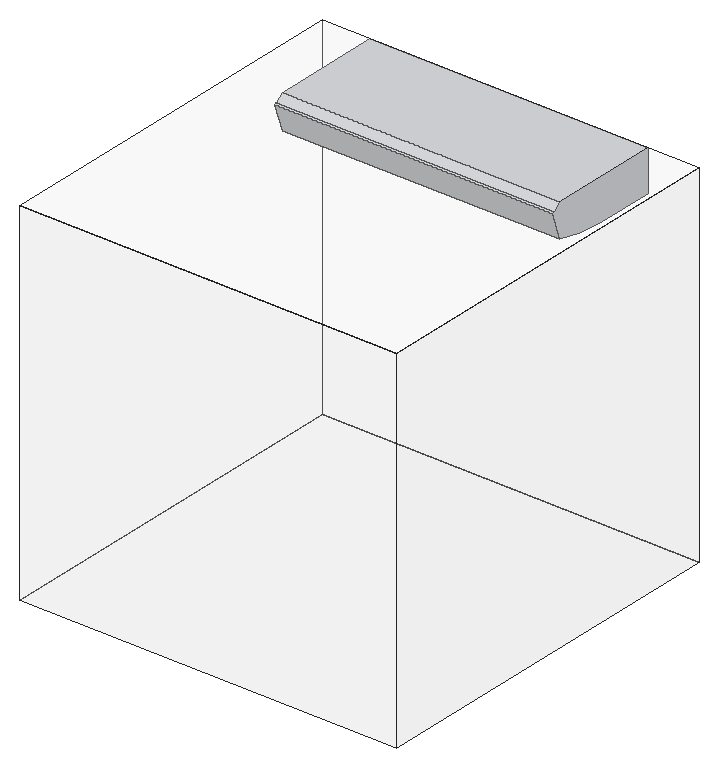
Revit family "pc-rp40_160kal21_50hz", category 機械設備, Revit 2019
Family settings
  丸型コネクタ寸法 = 直径を使用
  パーツ タイプ = 標準
  OmniClass 番号 = 23.75.10.24.21.27.27
  OmniClass タイトル = Split System Air Conditioning Units
  作業面ベース = いいえ
  常に垂直 = はい
  ロード時にボイドで切り取り = いいえ
  共有 = いいえ
  部屋計算ポイント = はい
Parameters (values of type "天吊_PC-RP112KA21")
  風量_静 (㎥/min) = 20
  風量_弱 (㎥/min) = 22
  風量_中 (㎥/min) = 26
  風量_強 (㎥/min) = 29
  風量 = MAX風量  # 1740.0 m³/h
  音響パワーレベル_静 (dB) = 54
  音響パワーレベル_弱 (dB) = 56
  音響パワーレベル_中 (dB) = 59
  音響パワーレベル(dB) = [音響パワーレベル_強 (dB)]  # 62
  音響パワーレベル_強 (dB) = 62
  電源種別 = ""
  電源_H = 0 mm
  電圧 = 0 V
  電動機出力_送風機 = 0.16 kW
  運転質量 = 0.00 kg
  連動 = ""
  質量 = if(製品質量 > 運転質量, 製品質量, 運転質量) * 1.2  # 45.60 kg
  負荷分類 = 3_ファン類
  説明 = "店舗・事務所用パッケージエアコン(Mr.SLIM) [本体] 天吊形室内機"
  設計暖房能力 = 0.00 kW
  設計冷房能力_顕熱 = 0 kW
  設計冷房能力 = 0 kW
  設置方法 = "天井吊形"
  記号 = ""
  製造元 = "三菱電機株式会社"
  製品質量 = 38.00 kg
  製品出荷対象 = "国内"
  製品リリース年月 = ""
  製品グループ = ""
  背面_液管接続口 = 180 mm
  背面_ドレン管接続口 = 233 mm
  背面_ガス管接続口 = 200 mm
  系統 = ""
  符号 = "ACP-CR"
  積算_科目 = "1 空気調和設備"
  積算_拾い区分 [instance] = ""
  相 = 1
  盤記号 = ""
  発停方法 = "付属スイッチ"
  特殊仕様 = ""
  点検口離隔 [instance] = if(点検口離隔入力値 > 200 mm, 200 mm, if(点検口離隔入力値 < 150 mm, 150 mm, 点検口離隔入力値))  # 150 mm
  点検口離隔入力値 [instance] = 0 mm
  点検口設置範囲 = 0 mm
  点検口 = yes
  火災停止 = ""
  消費電力_暖房 = 0.11 kW
  消費電力_冷房 = 0.12 kW
  消費電力 = if(消費電力_冷房 > 消費電力_暖房, 消費電力_冷房, 消費電力_暖房)  # 0.12 kW
  法定耐用年数 = "6"
  極数 = 1
  材質 = ""
  本体マテリアル = none
  有効加湿量 = 0
  暖房能力 = 11.20 kW
  推奨ブレーカー容量 = 0 A
  形式_加湿器 = ""
  形式 = "天井吊（露出）形"
  幹線記号 = ""
  始動方式 = "直入"
  呼称 = "室内機_天井吊(露出)形"
  周波数 = 50 Hz
  吊り位置Y = 320 mm
  吊り位置X = 1557 mm
  吊りボルト_H = 50 mm
  台数_手元リモコン = ""
  台数_冷媒分岐ユニット = ""
  参照している仕様書等のバージョン = "公共建築物標準仕様書（機械設備工事編）平成31年度版"
  加湿給水管径 = 0 mm
  分類コード = "5.0053E+13"
  分類グループ = ""
  冷房能力 = 10 kW
  冷媒高低圧ガス管径 = 0 mm
  冷媒管径符号 = "Bd"
  冷媒管径 = 100 mm
  冷媒液管高さ = 126 mm
  冷媒液管径 = 9.52 mm
  冷媒ガス管高さ = 126 mm
  冷媒ガス管径 = 15.88 mm
  価格 = 0
  企業コード = "108420"
  付属品_フィルター = ""
  付属品 = ""
  仕様書バージョン = "Version1.0"
  モデル = "PC-RP112KA21"
  パネルマテリアル = none
  ドレン管高さ = 190 mm
  ドレン管径 (外径) = 26 mm
  ドレン管径 = 20 mm
  サービススペース = yes
  コメント [instance] = ""
  ケーブル種類1 = ""
  ケーブルサイズ1 = 0 mm
  【値が 0 の項目は組合せ形名にてご確認ください】 = ""
  Width = 1600 mm
  Version = ""
  Uniclass2015Version = "Systems v1.9"
  Uniclass2015Title = "Split coil remote air cooled condensing units"
  Uniclass2015Code = "Pr_70_65_03_84"
  URL = "https://www.mitsubishielectric.co.jp/ldg/wink/ssl/top.do"
  SpecificationReference = ""
  SpecificationDescription = ""
  Revision = ""
  ProductInformation = ""
  OmniClassCode = "23-33 17 13 11"
  MIN風量 = [風量_静 (㎥/min)] * 60.0 m³/h  # 1200.0 m³/h
  MID風量2 = [風量_弱 (㎥/min)] * 60.0 m³/h  # 1320.0 m³/h
  MID風量 = [風量_中 (㎥/min)] * 60.0 m³/h  # 1560.0 m³/h
  MAX風量 = [風量_強 (㎥/min)] * 60.0 m³/h  # 1740.0 m³/h
  IfcTypeProduct = ""
  IfcProduct = ""
  IfcExportType = "AIRCONDITIONINGUNIT"
  IfcExportAs = "IfcUnitaryEquipmentType"
  Height_本体 = 230 mm
  Height = Height_本体 + 6 mm  # 236 mm
  Depth = 680 mm
  Clearance Top = 1 mm
  Clearance Right = 300 mm
  Clearance Left = 270 mm
  Clearance Front = 1500 mm
  Clearance Bottom = 1800 mm
  Clearance Back = 0 mm
  Author = "三菱電機株式会社"
Types (20, lengths in mm): name | 風量_静 (㎥/min) | 風量_弱 (㎥/min) | 風量_中 (㎥/min) | 風量_強 (㎥/min) | 風量 | 音響パワーレベル_静 (dB) | 音響パワーレベル_弱 (dB) | 音響パワーレベル_中 (dB) | 音響パワーレベル(dB) | 音響パワーレベル_強 (dB) | 電動機出力_送風機 | 質量 | 製品質量 | 製品リリース年月 | 背面_液管接続口 | 背面_ガス管接続口 | 消費電力_暖房 | 消費電力_冷房 | 消費電力 | 暖房能力 | 吊り位置X | 冷房能力 | 冷媒管径符号 | 冷媒液管径 | 冷媒ガス管径 | モデル | Width | MIN風量 | MID風量2 | MID風量 | MAX風量
  天吊_PC-RP45KAL21 | 9 | 10 | 11 | 13 | 780.0 m³/h | 48 | 50 | 53 | 55 | 55 | 0.09 kW | 28.80 kg | 24.00 kg | "" | 184 | 203 | 0.04 kW | 0.05 kW | 0.05 kW | 4.50 kW | 917 | 4 kW | "Ac" | 6.35 | 12.7 | "PC-RP45KAL21" | 960 | 540.0 m³/h | 600.0 m³/h | 660.0 m³/h | 780.0 m³/h
  天吊_PC-RP56KAL21 | 10 | 11 | 12 | 13 | 780.0 m³/h | 48 | 50 | 53 | 55 | 55 | 0.09 kW | 30.00 kg | 25.00 kg | "" | 184 | 203 | 0.05 kW | 0.06 kW | 0.06 kW | 5.60 kW | 917 | 5 kW | "Ac" | 6.35 | 12.7 | "PC-RP56KAL21" | 960 | 600.0 m³/h | 660.0 m³/h | 720.0 m³/h | 780.0 m³/h
  天吊_PC-RP71KAL21 | 13 | 16 | 18 | 20 | 1200.0 m³/h | 50 | 53 | 55 | 57 | 57 | 0.095 kW | 38.40 kg | 32.00 kg | "" | 180 | 200 | 0.09 kW | 0.10 kW | 0.10 kW | 7.10 kW | 1237 | 6.3 kW | "Bd" | 9.52 | 15.88 | "PC-RP71KAL21" | 1280 | 780.0 m³/h | 960.0 m³/h | 1080.0 m³/h | 1200.0 m³/h
  天吊_PC-RP80KAL21 | 13 | 16 | 18 | 20 | 1200.0 m³/h | 50 | 53 | 55 | 57 | 57 | 0.095 kW | 38.40 kg | 32.00 kg | "" | 180 | 200 | 0.09 kW | 0.10 kW | 0.10 kW | 8.00 kW | 1237 | 7.1 kW | "Bd" | 9.52 | 15.88 | "PC-RP80KAL21" | 1280 | 780.0 m³/h | 960.0 m³/h | 1080.0 m³/h | 1200.0 m³/h
  天吊_PC-RP112KAL21 | 20 | 22 | 26 | 29 | 1740.0 m³/h | 54 | 56 | 59 | 62 | 62 | 0.16 kW | 45.60 kg | 38.00 kg | "" | 180 | 200 | 0.11 kW | 0.12 kW | 0.12 kW | 11.20 kW | 1557 | 10 kW | "Bd" | 9.52 | 15.88 | "PC-RP112KAL21" | 1600 | 1200.0 m³/h | 1320.0 m³/h | 1560.0 m³/h | 1740.0 m³/h
  天吊_PC-RP140KAL21 | 21 | 24 | 27 | 31 | 1860.0 m³/h | 56 | 58 | 61 | 63 | 63 | 0.16 kW | 45.60 kg | 38.00 kg | "0" | 180 | 200 | 0.13 kW | 0.14 kW | 0.14 kW | 14.00 kW | 1557 | 12.5 kW | "Bd" | 9.52 | 15.88 | "PC-RP140KAL21" | 1600 | 1260.0 m³/h | 1440.0 m³/h | 1620.0 m³/h | 1860.0 m³/h
  天吊_PC-RP160KAL21 | 22 | 25 | 28 | 33 | 1980.0 m³/h | 58 | 60 | 62 | 65 | 65 | 0.16 kW | 45.60 kg | 38.00 kg | "" | 180 | 200 | 0.16 kW | 0.17 kW | 0.17 kW | 16.00 kW | 1557 | 14 kW | "Bd" | 9.52 | 15.88 | "PC-RP160KAL21" | 1600 | 1320.0 m³/h | 1500.0 m³/h | 1680.0 m³/h | 1980.0 m³/h
  天吊_PC-RP63KAL21 | 12 | 14 | 15 | 17 | 1020.0 m³/h | 49 | 51 | 53 | 55 | 55 | 0.095 kW | 38.40 kg | 32.00 kg | "" | 184 | 203 | 0.06 kW | 0.07 kW | 0.07 kW | 6.30 kW | 1237 | 5.6 kW | "Ac" | 6.35 | 12.7 | "PC-RP63KAL21" | 1280 | 720.0 m³/h | 840.0 m³/h | 900.0 m³/h | 1020.0 m³/h
  天吊_PC-RP40KAL21 | 9 | 10 | 11 | 13 | 780.0 m³/h | 48 | 50 | 53 | 55 | 55 | 0.09 kW | 28.80 kg | 24.00 kg | "" | 184 | 203 | 0.04 kW | 0.05 kW | 0.05 kW | 4.00 kW | 917 | 3.6 kW | "Ac" | 6.35 | 12.7 | "PC-RP40KAL21" | 960 | 540.0 m³/h | 600.0 m³/h | 660.0 m³/h | 780.0 m³/h
  天吊_PC-RP50KAL21 | 10 | 11 | 12 | 13 | 780.0 m³/h | 48 | 50 | 53 | 55 | 55 | 0.09 kW | 30.00 kg | 25.00 kg | "" | 184 | 203 | 0.05 kW | 0.06 kW | 0.06 kW | 5.00 kW | 917 | 4.5 kW | "Ac" | 6.35 | 12.7 | "PC-RP50KAL21" | 960 | 600.0 m³/h | 660.0 m³/h | 720.0 m³/h | 780.0 m³/h
  天吊_PC-RP112KA21 | 20 | 22 | 26 | 29 | 1740.0 m³/h | 54 | 56 | 59 | 62 | 62 | 0.16 kW | 45.60 kg | 38.00 kg | "" | 180 | 200 | 0.11 kW | 0.12 kW | 0.12 kW | 11.20 kW | 1557 | 10 kW | "Bd" | 9.52 | 15.88 | "PC-RP112KA21" | 1600 | 1200.0 m³/h | 1320.0 m³/h | 1560.0 m³/h | 1740.0 m³/h
  天吊_PC-RP140KA21 | 21 | 24 | 27 | 31 | 1860.0 m³/h | 56 | 58 | 61 | 63 | 63 | 0.16 kW | 45.60 kg | 38.00 kg | "" | 180 | 200 | 0.13 kW | 0.14 kW | 0.14 kW | 14.00 kW | 1557 | 12.5 kW | "Bd" | 9.52 | 15.88 | "PC-RP140KA21" | 1600 | 1260.0 m³/h | 1440.0 m³/h | 1620.0 m³/h | 1860.0 m³/h
  天吊_PC-RP160KA21 | 22 | 25 | 28 | 33 | 1980.0 m³/h | 58 | 60 | 62 | 65 | 65 | 0.16 kW | 45.60 kg | 38.00 kg | "" | 180 | 200 | 0.16 kW | 0.17 kW | 0.17 kW | 16.00 kW | 1557 | 14 kW | "Bd" | 9.52 | 15.88 | "PC-RP160KA21" | 1600 | 1320.0 m³/h | 1500.0 m³/h | 1680.0 m³/h | 1980.0 m³/h
  天吊_PC-RP40KA21 | 9 | 10 | 11 | 13 | 780.0 m³/h | 48 | 50 | 53 | 55 | 55 | 0.09 kW | 28.80 kg | 24.00 kg | "" | 184 | 203 | 0.04 kW | 0.05 kW | 0.05 kW | 4.00 kW | 917 | 3.6 kW | "Ac" | 6.35 | 12.7 | "PC-RP40KA21" | 960 | 540.0 m³/h | 600.0 m³/h | 660.0 m³/h | 780.0 m³/h
  天吊_PC-RP45KA21 | 9 | 10 | 11 | 13 | 780.0 m³/h | 48 | 50 | 53 | 55 | 55 | 0.09 kW | 28.80 kg | 24.00 kg | "" | 184 | 203 | 0.04 kW | 0.05 kW | 0.05 kW | 4.50 kW | 917 | 4 kW | "Ac" | 6.35 | 12.7 | "PC-RP45KA21" | 960 | 540.0 m³/h | 600.0 m³/h | 660.0 m³/h | 780.0 m³/h
  天吊_PC-RP50KA21 | 10 | 11 | 12 | 13 | 780.0 m³/h | 48 | 50 | 53 | 55 | 55 | 0.09 kW | 30.00 kg | 25.00 kg | "" | 184 | 203 | 0.05 kW | 0.06 kW | 0.06 kW | 5.00 kW | 917 | 4.5 kW | "Ac" | 6.35 | 12.7 | "PC-RP50KA21" | 960 | 600.0 m³/h | 660.0 m³/h | 720.0 m³/h | 780.0 m³/h
  天吊_PC-RP56KA21 | 10 | 11 | 12 | 13 | 780.0 m³/h | 48 | 50 | 53 | 55 | 55 | 0.09 kW | 30.00 kg | 25.00 kg | "" | 184 | 203 | 0.05 kW | 0.06 kW | 0.06 kW | 5.60 kW | 917 | 5 kW | "Ac" | 6.35 | 12.7 | "PC-RP56KA21" | 960 | 600.0 m³/h | 660.0 m³/h | 720.0 m³/h | 780.0 m³/h
  天吊_PC-RP63KA21 | 12 | 14 | 15 | 17 | 1020.0 m³/h | 49 | 51 | 53 | 55 | 55 | 0.095 kW | 38.40 kg | 32.00 kg | "" | 184 | 203 | 0.06 kW | 0.07 kW | 0.07 kW | 6.30 kW | 1237 | 5.6 kW | "Ac" | 6.35 | 12.7 | "PC-RP63KA21" | 1280 | 720.0 m³/h | 840.0 m³/h | 900.0 m³/h | 1020.0 m³/h
  天吊_PC-RP71KA21 | 13 | 16 | 18 | 20 | 1200.0 m³/h | 50 | 53 | 55 | 57 | 57 | 0.095 kW | 38.40 kg | 32.00 kg | "" | 180 | 200 | 0.09 kW | 0.10 kW | 0.10 kW | 7.10 kW | 1237 | 6.3 kW | "Bd" | 9.52 | 15.88 | "PC-RP71KA21" | 1280 | 780.0 m³/h | 960.0 m³/h | 1080.0 m³/h | 1200.0 m³/h
  天吊_PC-RP80KA21 | 13 | 16 | 18 | 20 | 1200.0 m³/h | 50 | 53 | 55 | 57 | 57 | 0.095 kW | 38.40 kg | 32.00 kg | "" | 180 | 200 | 0.09 kW | 0.10 kW | 0.10 kW | 8.00 kW | 1237 | 7.1 kW | "Bd" | 9.52 | 15.88 | "PC-RP80KA21" | 1280 | 780.0 m³/h | 960.0 m³/h | 1080.0 m³/h | 1200.0 m³/h
Reference planes
  plane 1 "中心(正面/背面)": y = 0
  plane 2: z = 0
  plane 3 "中心(左/右)": x = 0
  plane 4: z = 236
  plane 5: y = 260
  plane 6: y = -60
  plane 7: y = 340
  plane 8: y = -340
  plane 9: x = -800
  plane 10: x = 800
  plane 11: x = -1070
  plane 12: x = 1100
  plane 13 "back": y = 340
  plane 14: y = -1840
  plane 15: z = 237
  plane 16: z = -1800
  plane 17: x = 714
  plane 18: x = 629
  plane 19: z = 110
  plane 20 "液管": y = 156
  plane 21: y = 336
  plane 22 "ガス管": y = 136
  plane 23 "ドレン管": y = 103
  plane 24: x = 662
  plane 25: z = 46
  plane 26: x = -725
  plane 27: x = 671.5
Forms (mm)
  Extrusion 1, solid, detail levels fine
    sketch origin (0, 156, 0) x (0, 0, -1) y (1, 0, 0)
      loop
        circle (-110, 629) r 3.175
    from 0 to 100
  Extrusion 2, solid, detail levels fine
    sketch origin (0, 136, 0) x (0, 0, -1) y (1, 0, 0)
      loop
        circle (-110, 714) r 6.35
    from 0 to 100
  Extrusion 3, solid, detail levels fine
    sketch origin (0, 103, 0) x (0, 0, -1) y (1, 0, 0)
      loop
        circle (-46, 662) r 13
    from 0 to 100
  Extrusion 4, solid, detail levels fine
    sketch origin (0, 103, 0) x (0, 0, -1) y (1, 0, 0)
      loop
        circle (-46, -725) r 13
    from 0 to 100
  Extrusion 5, solid, detail levels fine
    sketch origin (0, 136, 0) x (0, 0, -1) y (1, 0, 0)
      loop
        circle (-110, 671.5) r 50
    from 0 to 120
Dimensions and locks
  "吊り位置Y": plane 6 to plane 5
  equal spacing: plane 8, plane 1 "中心(正面/背面)", plane 7
  "Depth": plane 8 to plane 7
  equal spacing: plane 9, plane 3 "中心(左/右)", plane 10
  "Width": plane 9 to plane 10
  "Clearance Back": plane 7 to plane 13 "back"
  "Clearance Front": plane 14 to plane 8
  "Clearance Right": plane 10 to plane 12
  "Clearance Left": plane 11 to plane 9
  "Height": plane 4 to level
  locked: plane 5 to plane 7 at 80
  "Clearance Bottom": level to plane 16
  "Clearance Top": plane 15 to plane 4
  plane 10 to plane 9 = 1600 mm
  "背面_液管接続口": plane 20 "液管" to plane 21
  "背面_ガス管接続口": plane 22 "ガス管" to plane 21
  "背面_ドレン管接続口": plane 23 "ドレン管" to plane 21
  "冷媒ガス管高さ": plane 4 to plane 19
  "ドレン管高さ": plane 4 to plane 25
  plane 17 to plane 27 to plane 18 = 42.5 mm, 42.5 mm
  locked: plane 10 to plane 17 at 86
  locked: plane 17 to plane 18 at 85
  locked: plane 10 to plane 24 at 138
  locked: plane 26 to plane 9 at 75
  diameter of Extrusion 2 = 12.7 mm
  diameter of Extrusion 1 = 6.35 mm
  "ドレン管径 (外径)": diameter of Extrusion 3
  "ドレン管径 (外径)": diameter of Extrusion 4
  aligned and locked: level to plane 2
  aligned and locked: nested 2 to plane 5
  aligned and locked: plane 6 to nested 2
  aligned and locked: nested 1 to plane 11
  aligned and locked: nested 1 to plane 12
  aligned and locked: plane 14 to nested 1
  aligned and locked: plane 13 "back" to nested 1
  aligned and locked: plane 15 to nested 1
  aligned and locked: plane 1 "中心(正面/背面)" to nested 3
  aligned and locked: plane 3 "中心(左/右)" to nested 3
  aligned and locked: plane 16 to nested 1
  aligned and locked: Extrusion 1 to plane 20 "液管"
  aligned and locked: Extrusion 2 to plane 22 "ガス管"
  aligned and locked: Extrusion 3 to plane 23 "ドレン管"
  aligned and locked: Extrusion 4 to plane 23 "ドレン管"
Automatic sketch dimensions
  Extrusion 1 sketch curve to plane 18 = 0 mm
  Extrusion 1 sketch curve to plane 19 = 0 mm
  Extrusion 2 sketch curve to plane 17 = 0 mm
  Extrusion 2 sketch curve to plane 19 = 0 mm
  Extrusion 3 sketch curve to plane 24 = 0 mm
  Extrusion 3 sketch curve to plane 25 = 0 mm
  Extrusion 4 sketch curve to plane 25 = 0 mm
  Extrusion 4 sketch curve to plane 26 = 0 mm
  Extrusion 5 sketch curve to plane 19 = 0 mm
  Extrusion 5 sketch curve to plane 27 = 0 mm
  radius of Extrusion 1 sketch curve = 3.175 mm
  radius of Extrusion 2 sketch curve = 6.35 mm
  radius of Extrusion 3 sketch curve = 13 mm
  radius of Extrusion 4 sketch curve = 13 mm
  radius of Extrusion 5 sketch curve = 50 mm
Nested families
  nested 1: "サービススペース" at (15, -750, -781.5), visible <- "サービススペース", type "サービススペース", detail levels fine
    with Width 2170 mm, Height 2037 mm, Depth 2180 mm
  nested 2: "固定点" at (-458.5, -60, 0), type "固定点"
    with W 917 mm, D 320 mm
  nested 3: "PC-RP_KA_L" at (0, 0, 0), type "PC-RP_KA_L", detail levels fine
    with 冷媒配管サイズ 9.52 mm, 吊りボルト-W 1557 mm, ガス配管サイズ 15.88 mm, 幅さ 1600 mm
Connectors
  electrical at (516, 339, 206), driven by "極数", driven by "負荷分類", driven by "電圧", driven by "消費電力"
    settings: on nested 3, index 1, voltage 0 V, apparent load 120 VA, apparent load phase1 0 VA, apparent load phase2 0 VA, apparent load phase3 0 VA, power factor 1, load classification "3_ファン類", number of poles 1, system type 30, power factor state 1, is connector primary yes, connector utility no, sub classification motor no, connector description ""
  piping at (671.5, 136, 110), diameter 100, driven by "冷媒管径"
    settings: on Extrusion 5, index 2, connector inside diameter 609.6 mm, connector length 0 mm, flow factor 0, pipe flow 0.0 L/s, pressure drop 0.0 Pa, fitting loss kfactor 0, connector angle 0.00°, fixture units 0, engagement length 0 mm, angle of deflection 0.00°, flow configuration 1, flow direction 1, fitting loss method 4, system type 7, joint type 0, gender type 0, connector reference index -1, connector utility 0, adjustable connector no, is connector primary yes, connector description "冷媒管"
  piping at (662, 103, 46), diameter 20, driven by "ドレン管径"
    settings: on Extrusion 3, index 3, connector inside diameter 609.6 mm, connector length 0 mm, flow factor 0, pipe flow 0.0 L/s, pressure drop 0.0 Pa, fitting loss kfactor 0, connector angle 0.00°, fixture units 0, engagement length 0 mm, angle of deflection 0.00°, flow configuration 1, flow direction 2, fitting loss method 0, system type 16, joint type 0, gender type 0, connector reference index -1, connector utility 0, adjustable connector no, is connector primary no, connector description "ドレン管1"
  piping at (-725, 103, 46), diameter 20, driven by "ドレン管径"
    settings: on Extrusion 4, index 4, connector inside diameter 609.6 mm, connector length 0 mm, flow factor 0, pipe flow 0.0 L/s, pressure drop 0.0 Pa, fitting loss kfactor 0, connector angle 0.00°, fixture units 0, engagement length 0 mm, angle of deflection 0.00°, flow configuration 1, flow direction 2, fitting loss method 0, system type 16, joint type 0, gender type 0, connector reference index -1, connector utility 0, adjustable connector no, is connector primary no, connector description "ドレン管2"
Definition of nested family "サービススペース"
  Parameters (values of type "サービススペース")
    Width [instance] = 500 mm
    Height [instance] = 500 mm
    Depth [instance] = 500 mm
  Reference planes
    plane 1 "中心(正面/背面)": y = 0
    plane 2: z = 0
    plane 3 "中心(左/右)": x = 0
    plane 4: y = -250
    plane 5: x = 250
    plane 6: y = 250
    plane 7: x = -250
    plane 8: z = 250
    plane 9: z = -250
  Forms (mm)
    Extrusion 1, solid
      sketch origin (-638.939, 0, 72.39) x (1, 0, 0) y (0, 1, 0)
        loop
          line (388.939, 250) -> (388.939, -250) -> (888.939, -250) -> (888.939, 250) -> (388.939, 250)
      from -322.39 to 177.61
  Lines and regions (mm)
    symbolic lines
      curve 1: line (-250, 0, 250) -> (250, 0, 250)
      curve 2: line (-250, 0, -250) -> (-250, 0, 250)
      curve 3: line (250, 0, -250) -> (-250, 0, -250)
      curve 4: line (250, 0, 250) -> (250, 0, -250)
      curve 5: line (0, -250, 250) -> (0, 250, 250)
      curve 6: line (0, -250, -250) -> (0, -250, 250)
      curve 7: line (0, 250, -250) -> (0, -250, -250)
      curve 8: line (0, 250, 250) -> (0, 250, -250)
      curve 9: line (-250, 250, 0) -> (250, 250, 0)
      curve 10: line (-250, -250, 0) -> (-250, 250, 0)
      curve 11: line (250, -250, 0) -> (-250, -250, 0)
      curve 12: line (250, 250, 0) -> (250, -250, 0)
  Dimensions and locks
    equal spacing: plane 7, plane 3 "中心(左/右)", plane 5
    equal spacing: plane 4, plane 1 "中心(正面/背面)", plane 6
    "Depth": plane 4 to plane 6
    "Width": plane 7 to plane 5
    equal spacing: plane 8, plane 2, plane 9
    "Height": plane 8 to plane 9
    aligned and locked: plane 9 to curve 3
    aligned and locked: plane 7 to curve 2
    aligned and locked: curve 4 to plane 5
    aligned and locked: plane 5 to Extrusion 1
    aligned and locked: Extrusion 1 to plane 7
    aligned and locked: Extrusion 1 to plane 9
    aligned and locked: plane 8 to Extrusion 1
    aligned and locked: plane 9 to curve 7
  Automatic sketch dimensions
    plane 4 to Extrusion 1 sketch curve = 0 mm
    Extrusion 1 sketch curve to plane 7 = 0 mm
    Extrusion 1 sketch curve to plane 5 = 0 mm
    plane 6 to Extrusion 1 sketch curve = 0 mm
    curve 2 to plane 8 = 0 mm
    plane 4 to curve 11 = 0 mm
    curve 11 to plane 7 = 0 mm
    curve 11 to plane 5 = 0 mm
    plane 6 to curve 10 = 0 mm
    curve 7 to plane 4 = 0 mm
    curve 7 to plane 6 = 0 mm
    curve 6 to plane 8 = 0 mm
Definition of nested family "PC-RP_KA_L"
  Parameters (values of type "PCFY-P-KMG")
    配線取出口サイズ = 22 mm
    配線取出口-Z = 0 mm
    配線取出口-Y = 0 mm
    配線取出口-X = 0 mm
    液配管サイズ = 100 mm
    高さ = 236 mm
    奥行き = 680 mm
    吊りボルト_H = 50 mm
    冷媒配管サイズ = 6.35 mm
    冷媒液管径-Z = 0 mm
    冷媒液管径-Y = 0 mm
    冷媒液管径-X = 0 mm
    冷媒ガス管径-Z = 0 mm
    冷媒ガス管径-Y = 0 mm
    冷媒ガス管径-X = 0 mm
    吊りボルト-W = 917 mm
    マテリアル = none
    ドレン配管サイズ = 26 mm
    ドレン管径-Z = 0 mm
    ドレン管径-Y = 0 mm
    ドレン管径-X = 0 mm
    ガス配管サイズ = 12.7 mm
    吊りボルト-D = 320 mm
    幅さ = 960 mm
  Reference planes
    plane 1 "中心(正面/背面)": y = 0
    plane 2: z = 0
    plane 3 "中心(左/右)": x = 0
    plane 4: z = 236
    plane 5: x = -480
    plane 6: x = 480
    plane 7: y = 340
    plane 8: y = -340
    plane 9: y = -289
    plane 10: y = -330
    plane 11: y = -335
    plane 12: z = 84
    plane 13: z = 172
    plane 14: z = 195
    plane 15: z = 200
    plane 16: z = 40
    plane 17: x = -426.5
    plane 18: x = 426.5
    plane 19: y = -136
    plane 20: y = -193
    plane 21: y = 86
    plane 22: z = 110
    plane 23: x = -469
    plane 24: y = 156
    plane 25: y = 137
    plane 26: y = 94
    plane 27: x = -158
    plane 28: z = 206
    plane 29: x = 196
    plane 30: x = 158
    plane 31: y = 140
  Forms (mm)
    Extrusion 1, solid, material <- "マテリアル"
      sketch origin (480, 1296.25, 1200) x (0, 1, 0) y (0, 0, 1)
        loop
          line (-1585.25, -964) -> (-1626.25, -1000) -> (-1631.25, -1000) -> (-1636.25, -1005) -> (-1585.25, -1160)
          arc (-1585.25, -1160) -> (-1442.128, -1189.953) -> (-1296.25, -1200) r 1064.013
          line (-1296.25, -1200) -> (-956.25, -1200) -> (-956.25, -964) -> (-1585.25, -964)
      from -960 to 0
    Extrusion 2, solid, material <- "マテリアル"
      sketch origin (674, 0, 0) x (1, 0, 0) y (0, 0, 1)
        loop
          circle (-478, 206) r 11
      from -339 to -340
    Extrusion 3, solid, material <- "マテリアル"
      sketch origin (636, 0, 0) x (1, 0, 0) y (0, 0, 1)
        loop
          circle (-478, 206) r 11
      from -339 to -340
    Extrusion 4, solid, material <- "マテリアル"
      sketch origin (674, 0, -169) x (1, 0, 0) y (0, 0, 1)
        loop
          circle (-478, 206) r 11
      from -339 to -340
    Extrusion 5, solid, material <- "マテリアル"
      sketch origin (636, 0, -169) x (1, 0, 0) y (0, 0, 1)
        loop
          circle (-478, 206) r 11
      from -339 to -340
  Lines and regions (mm)
    model lines
      curve 1: line (426.5, -303.59, 84.341) -> (426.5, -332.355, 171.766)
      curve 2: line (426.5, -332.355, 171.766) -> (-426.5, -332.355, 171.766)
      curve 3: line (-426.5, -303.59, 84.341) -> (426.5, -303.59, 84.341)
      curve 4: line (-426.5, -332.355, 171.766) -> (-426.5, -303.59, 84.341)
      curve 5: line (-426.5, 310, 0) -> (-426.5, 86, 0)
      curve 6: line (426.5, 310, 0) -> (426.5, 86, 0)
      curve 7: line (426.5, 310, 0) -> (-426.5, 310, 0)
      curve 8: line (426.5, 86, 0) -> (-426.5, 86, 0)
      curve 9: line (426.5, 294, 0) -> (-426.5, 294, 0)
      curve 10: line (426.5, 278, 0) -> (-426.5, 278, 0)
      curve 11: line (426.5, 262, 0) -> (-426.5, 262, 0)
      curve 12: line (426.5, 246, 0) -> (-426.5, 246, 0)
      curve 13: line (426.5, 230, 0) -> (-426.5, 230, 0)
      curve 14: line (426.5, 214, 0) -> (-426.5, 214, 0)
      curve 15: line (426.5, 198, 0) -> (-426.5, 198, 0)
      curve 16: line (426.5, 182, 0) -> (-426.5, 182, 0)
      curve 17: line (426.5, 166, 0) -> (-426.5, 166, 0)
      curve 18: line (426.5, 150, 0) -> (-426.5, 150, 0)
      curve 19: line (426.5, 134, 0) -> (-426.5, 134, 0)
      curve 20: line (426.5, 118, 0) -> (-426.5, 118, 0)
      curve 21: line (426.5, 102, 0) -> (-426.5, 102, 0)
  Dimensions and locks
    equal spacing: plane 8, plane 1 "中心(正面/背面)", plane 7
    "奥行き": plane 8 to plane 7
    equal spacing: plane 5, plane 3 "中心(左/右)", plane 6
    "幅さ": plane 5 to plane 6
    "高さ": plane 4 to level
    locked: plane 8 to plane 11 at 5
    locked: plane 8 to plane 10 at 10
    locked: plane 8 to plane 9 at 51
    locked: plane 12 to level at 84
    locked: plane 14 to level at 195
    locked: plane 15 to level at 200
    locked: plane 16 to level at 40
    plane 17 to plane 18 = 853 mm
    locked: plane 5 to plane 17 at 53.5
    locked: plane 18 to plane 6 at 53.5
    locked: plane 13 to plane 12 at 88
    locked: plane 20 to plane 19 at 57
    locked: plane 19 to plane 7 at 476
    locked: plane 21 to plane 7 at 254
    locked: plane 4 to plane 22 at 126
    locked: plane 26 to plane 7 at 246
    locked: plane 24 to plane 7 at 184
    locked: plane 25 to plane 7 at 203
    locked: plane 5 to plane 27 at 322
    locked: plane 4 to plane 28 at 30
    plane 6 to plane 29 = 284 mm
    plane 29 to plane 30 = 38 mm
    "配線取出口サイズ": diameter of Extrusion 2 sketch curve
    "配線取出口サイズ": diameter of Extrusion 3 sketch curve
    "配線取出口サイズ": diameter of Extrusion 4 sketch curve
    "配線取出口サイズ": diameter of Extrusion 5 sketch curve
    aligned and locked: level to plane 2
    aligned and locked: Extrusion 1 sketch curve to plane 4
    aligned and locked: Extrusion 1 sketch curve to plane 7
    aligned and locked: Extrusion 1 sketch curve to level
    aligned and locked: plane 15 to Extrusion 1 sketch curve
    aligned and locked: plane 14 to Extrusion 1 sketch curve
    aligned and locked: plane 16 to Extrusion 1 sketch curve
    aligned and locked: Extrusion 1 to plane 5
    aligned and locked: plane 6 to Extrusion 1
    aligned and locked: curve 4 to plane 17
    aligned and locked: plane 18 to curve 1
    aligned and locked: curve 5 to plane 17
    aligned and locked: curve 6 to plane 18
    aligned and locked: curve 8 to plane 21
    aligned and locked: plane 28 to Extrusion 2 sketch curve
    aligned and locked: plane 7 to Extrusion 2
  Automatic sketch dimensions
    plane 7 to curve 7 = 30 mm
    curve 21 to plane 26 = 8 mm
    curve 21 to curve 20 = 16 mm
    plane 25 to curve 19 = 3 mm
    plane 24 to curve 18 = 6 mm
    curve 17 to plane 24 = 10 mm
    curve 17 to curve 16 = 16 mm
    curve 16 to curve 15 = 16 mm
    curve 15 to curve 14 = 16 mm
    curve 14 to curve 13 = 16 mm
    curve 13 to curve 12 = 16 mm
    curve 12 to curve 11 = 16 mm
    curve 11 to curve 10 = 16 mm
    curve 10 to curve 9 = 16 mm
    Extrusion 1 sketch curve to plane 8 = 0 mm
    Extrusion 1 sketch curve to plane 11 = 0 mm
    Extrusion 1 sketch curve to plane 10 = 0 mm
    Extrusion 1 sketch curve to plane 9 = 0 mm  (x2)
    Extrusion 1 sketch curve to plane 1 "中心(正面/背面)" = 0 mm
    Extrusion 1 to curve 1 = 24.459 mm
    curve 3 to Extrusion 1 = 46.68 mm
    Extrusion 1 to curve 4 = 53.5 mm
    Extrusion 1 to curve 3 = 53.5 mm
    Extrusion 2 sketch curve to plane 29 = 0 mm
    Extrusion 3 sketch curve to plane 28 = 0 mm
    Extrusion 3 sketch curve to plane 30 = 0 mm
    Extrusion 4 sketch curve to plane 29 = 0 mm
    Extrusion 4 sketch curve to plane 16 = 3 mm
    Extrusion 5 sketch curve to plane 30 = 0 mm
    Extrusion 5 sketch curve to plane 16 = 3 mm
Definition of nested family "固定点"
  Parameters (values of type "固定点")
    中心円 = 20 mm
    W [instance] = 1000 mm
    D [instance] = 1000 mm
  Reference planes
    plane 1 "中心(正面/背面)": y = 0
    plane 2: z = 0
    plane 3 "中心(左/右)": x = 0
    plane 4: x = 1000
    plane 5: y = 1000
  Lines and regions (mm)
    symbolic lines, detail levels fine
      curve 1: circle (0, 1000, 0) r 10 normal (0, 0, 1)
      curve 2: circle (0, 0, 0) r 10 normal (0, 0, 1)
      curve 3: circle (1000, 1000, 0) r 10 normal (0, 0, 1)
      curve 4: circle (1000, 0, 0) r 10 normal (0, 0, 1)
      curve 5: line (-200, 1000, 0) -> (1200, 1000, 0)
      curve 6: line (-200, 0, 0) -> (1200, 0, 0)
      curve 7: line (0, 1200, 0) -> (0, -200, 0)
      curve 8: line (1000, 1200, 0) -> (1000, -200, 0)
  Dimensions and locks
    "W": plane 3 "中心(左/右)" to plane 4
    "D": plane 1 "中心(正面/背面)" to plane 5
    "中心円": diameter of curve 1
    "中心円": diameter of curve 2
    "中心円": diameter of curve 3
    "中心円": diameter of curve 4
    aligned and locked: level to plane 2
    aligned and locked: plane 5 to curve 1
    aligned and locked: plane 3 "中心(左/右)" to curve 1
    aligned and locked: plane 3 "中心(左/右)" to curve 2
    aligned and locked: plane 1 "中心(正面/背面)" to curve 2
    aligned and locked: plane 4 to curve 3
    aligned and locked: plane 5 to curve 3
    aligned and locked: plane 1 "中心(正面/背面)" to curve 4
    aligned and locked: plane 4 to curve 4
    aligned and locked: plane 1 "中心(正面/背面)" to curve 6
    aligned and locked: curve 7 to plane 3 "中心(左/右)"
    aligned and locked: curve 8 to plane 4
  Automatic sketch dimensions
    curve 5 to plane 5 = 0 mm
    curve 6 to plane 3 "中心(左/右)" = 200 mm
    curve 5 to plane 3 "中心(左/右)" = 200 mm
    curve 4 to curve 6 = 200 mm
    curve 3 to curve 5 = 200 mm
    plane 1 "中心(正面/背面)" to curve 8 = 200 mm
    plane 1 "中心(正面/背面)" to curve 7 = 200 mm
    curve 3 to curve 8 = 200 mm
    curve 1 to curve 7 = 200 mm
